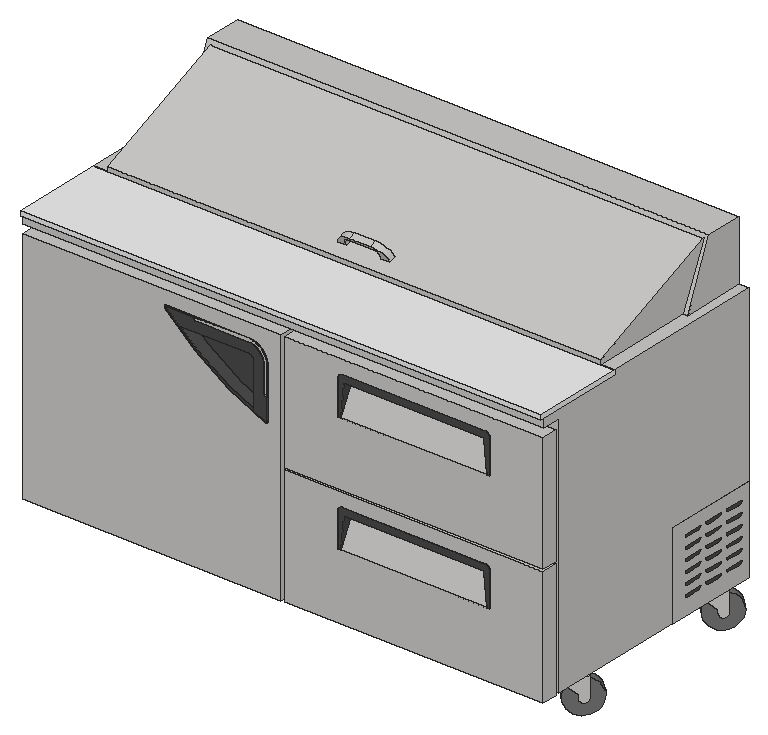
Revit family "QF_Turbo Air_TST-60SD-D29856361a-9434-4bef-91ec-7e6d95d65204", category Specialty Equipment, Revit 2012 (continued)
Definition of nested family "QF_Turbo Air_TBL_Door-2"
  Dimensions and locks (in)
    locked: plane 6 to Extrusion 4 sketch curve at 6.5641
    locked: plane 4 to Extrusion 2 sketch curve at 3.75
    locked: plane 4 to Extrusion 2 sketch curve at 13.33935
    locked: plane 4 to Extrusion 2 sketch curve at 13.46886
    locked: plane 4 to Extrusion 2 sketch curve at 1.81175
    locked: plane 4 to Extrusion 2 sketch curve at 1.5625
    locked: plane 4 to Extrusion 5 sketch curve at 1.56238
    locked: plane 4 to Extrusion 5 sketch curve at 1.95332
    locked: plane 4 to Extrusion 5 sketch curve at 3.75417
    locked: plane 4 to Extrusion 5 sketch curve at 9.75121
    locked: plane 4 to Extrusion 5 sketch curve at 10.11912
    locked: plane 4 to Extrusion 5 sketch curve at 13.06018
    locked: plane 4 to Extrusion 5 sketch curve at 13.19443
    locked: plane 4 to Extrusion 5 sketch curve at 12.0807
    locked: plane 4 to Extrusion 5 sketch curve at 11.82104
    locked: plane 4 to Extrusion 5 sketch curve at 3.75003
    locked: plane 4 to Extrusion 5 sketch curve at 3.12498
    locked: plane 4 to Extrusion 5 sketch curve at 2.89679
    locked: plane 4 to Extrusion 5 sketch curve at 1.81671
    aligned and locked: level to plane 2
    aligned and locked: Extrusion 1 sketch curve to plane 6
    aligned and locked: plane 3 "LEFT" to Extrusion 1 sketch curve
    aligned and locked: level to Extrusion 1 sketch curve
    aligned and locked: Extrusion 1 sketch curve to plane 4
    aligned and locked: plane 5 "FRONT" to Extrusion 1
    aligned and locked: plane 1 "BACK" to curve 1
    aligned and locked: plane 3 "LEFT" to curve 2
    aligned and locked: curve 3 to plane 5 "FRONT"
    aligned and locked: curve 4 to plane 4
    aligned and locked: Extrusion 3 sketch curve to Extrusion 1  (x4)
  Automatic sketch dimensions
    plane 4 to Extrusion 1 sketch curve = 0' - 9.03101"
    Extrusion 2 sketch curve to plane 6 = 0' - 1 9/16"
    Extrusion 2 sketch curve to Extrusion 2 sketch curve = 0' - 5.79986"
    Extrusion 2 sketch curve to Extrusion 2 sketch curve = 0' - 0.31136"
    plane 4 to Extrusion 2 sketch curve = 0' - 9.03101"
    Extrusion 2 sketch curve to Extrusion 2 sketch curve = 0' - 0.17704"
    Extrusion 3 sketch curve to Extrusion 3 sketch curve = 0' - 0.12951"
    Extrusion 3 sketch curve to Extrusion 3 sketch curve = 0' - 0.15482"
    Extrusion 3 sketch curve to Extrusion 3 sketch curve = 0' - 0"  (x4)
    Extrusion 3 sketch curve to Extrusion 3 sketch curve = 0' - 0.00075"
    Extrusion 3 sketch curve to Extrusion 3 sketch curve = 0' - 0.09068"
    Extrusion 5 sketch curve to Extrusion 5 sketch curve = 0' - 0"  (x4)
    Extrusion 5 sketch curve to Extrusion 5 sketch curve = 0' - 0.00072"
    Extrusion 5 sketch curve to Extrusion 5 sketch curve = 0' - 2.81256"
    Extrusion 5 sketch curve to Extrusion 5 sketch curve = 0' - 0.36461"
    Extrusion 5 sketch curve to Extrusion 5 sketch curve = 0' - 1.8162"
    Extrusion 5 sketch curve to plane 6 = 0' - 1.89276"
    Extrusion 5 sketch curve to Extrusion 5 sketch curve = 0' - 0.14681"
    Extrusion 5 sketch curve to Extrusion 5 sketch curve = 0' - 0.06678"
    Extrusion 5 sketch curve to plane 6 = 0' - 1.58287"
Definition of nested family "QF_Turbo Air_TBL_Drawer"
  Parameters (values of type "QF_Turbo Air_TBL_Drawer")
    Width [instance] = 2' - 5 5/16"
    Watermarked By = "http://revitwatermark.com"
    Symbolic Lines [instance] = yes
    Manufacturer = "Turbo Air"  # constant formula
    Height [instance] = 2' - 3 7/16"
    Depth [instance] = 0' - 1 13/16"
  Reference planes (in)
    plane 1 "BACK": y = 0
    plane 2: z = 0
    plane 3 "LEFT": x = -15.17667
    plane 4: x = 14.13583
    plane 5 "FRONT": y = -1.8125
    plane 6: z = 27.4375
    plane 7 "Handle Center": x = -0.52042
    plane 8 "Door Center": z = 13.71875
  Forms (in)
    Extrusion 1, solid, material "QF_Finishes_Black"
      sketch origin (-31.11417, 0, 15.01083) x (0, 0, -1) y (1, 0, 0)
        loop
          arc (-10.23917, 39.40625) -> (-10.63691, 39.2415) -> (-10.80167, 38.84375) r 0.5625
          line (-10.80167, 38.84375) -> (-10.80167, 22.34375)
          arc (-10.80167, 22.34375) -> (-10.63691, 21.946) -> (-10.23917, 21.78125) r 0.5625
          line (-10.23917, 21.78125) -> (-6.30167, 21.78125) -> (-6.30167, 22.125) -> (-9.98917, 22.44761) -> (-9.98917, 38.73989) -> (-6.30167, 39.0625) -> (-6.30167, 39.40625) -> (-10.23917, 39.40625)
        loop
          line (7.41708, 21.78125) -> (7.41708, 22.125) -> (3.72958, 22.44761) -> (3.72958, 38.73989) -> (7.41708, 39.0625) -> (7.41708, 39.40625) -> (3.47958, 39.40625)
          arc (3.47958, 39.40625) -> (3.08184, 39.2415) -> (2.91708, 38.84375) r 0.5625
          line (2.91708, 38.84375) -> (2.91708, 22.34375)
          arc (2.91708, 22.34375) -> (3.08184, 21.946) -> (3.47958, 21.78125) r 0.5625
          line (3.47958, 21.78125) -> (7.41708, 21.78125)
      from 0 to 1.8125
    Extrusion 2, solid, material "QF_Finishes_Stainless Steel"
      sketch origin (-9.36417, 0, 15.01083) x (0, 1, 0) y (0, 0, 1)
        loop
          line (-1.8125, 6.30167) -> (0, 6.30167) -> (0, 9.98917) -> (-0.47036, 9.98917) -> (-1.8125, 6.30167)
        loop
          line (-1.8125, -7.41708) -> (0, -7.41708) -> (0, -3.72958) -> (-0.47036, -3.72958) -> (-1.8125, -7.41708)
      from 0.375 to 17.3125
    Extrusion 3, solid, material "QF_Finishes_Stainless Steel"
      sketch origin (0, 0, 0) x (1, 0, 0) y (0, 0, 1)
        loop
          line (-15.17667, 27.4375) -> (-15.17667, 13.84375) -> (14.13583, 13.84375) -> (14.13583, 27.4375) -> (-15.17667, 27.4375)
        loop
          line (-15.17667, 0) -> (14.13583, 0) -> (14.13583, 13.59375) -> (-15.17667, 13.59375) -> (-15.17667, 0)
        loop
          arc (-8.77042, 25.8125) -> (-9.16816, 25.64775) -> (-9.33292, 25.25) r 0.5625
          line (-9.33292, 25.25) -> (-9.33292, 21.3125) -> (8.29208, 21.3125) -> (8.29208, 25.25)
          arc (8.29208, 25.25) -> (8.12733, 25.64775) -> (7.72958, 25.8125) r 0.5625
          line (7.72958, 25.8125) -> (-8.77042, 25.8125)
        loop
          arc (-8.77042, 12.09375) -> (-9.16816, 11.929) -> (-9.33292, 11.53125) r 0.5625
          line (-9.33292, 11.53125) -> (-9.33292, 7.59375) -> (8.29208, 7.59375) -> (8.29208, 11.53125)
          arc (8.29208, 11.53125) -> (8.12733, 11.929) -> (7.72958, 12.09375) r 0.5625
          line (7.72958, 12.09375) -> (-8.77042, 12.09375)
      from 0 to 1.8125
  Lines and regions (in)
    symbolic lines, visible <- "Symbolic Lines"
      curve 1: line (-15.17667, 0, 25.96875) -> (14.13583, 0, 25.96875)
      curve 2: line (-15.17667, -1.8125, 25.96875) -> (-15.17667, 0, 25.96875)
      curve 3: line (14.13583, -1.8125, 25.96875) -> (-15.17667, -1.8125, 25.96875)
      curve 4: line (14.13583, 0, 25.96875) -> (14.13583, -1.8125, 25.96875)
  Dimensions and locks (in)
    "Width": plane 4 to plane 3 "LEFT"
    "Depth": plane 5 "FRONT" to plane 1 "BACK"
    "Height": plane 6 to plane 2
    locked: Extrusion 3 sketch curve to Extrusion 3 sketch curve at 4.5  (x2)
    locked: plane 6 to Extrusion 3 sketch curve at 1.625
    locked: plane 6 to Extrusion 1 sketch curve at 1.625
    locked: Extrusion 1 sketch curve to Extrusion 1 sketch curve at 0.8125  (x2)
    locked: Extrusion 1 sketch curve to Extrusion 1 sketch curve at 4.5  (x4)
    locked: Extrusion 1 sketch curve to Extrusion 1 sketch curve at 0.66636  (x4)
    locked: plane 6 to Extrusion 2 sketch curve at 2.4375
    locked: Extrusion 2 sketch curve to Extrusion 2 sketch curve at 3.6875  (x2)
    locked: Extrusion 2 sketch curve to plane 5 "FRONT" at 1.34214  (x2)
    equal spacing: plane 3 "LEFT", plane 7 "Handle Center", plane 4
    equal spacing: plane 6, plane 8 "Door Center", level
    Extrusion 3 sketch curve to plane 8 "Door Center" to Extrusion 3 sketch curve = 0' - 0 1/8" locked, 0' - 0 1/8" locked
    Extrusion 3 sketch curve to plane 7 "Handle Center" to Extrusion 3 sketch curve = 0' - 8 13/16" locked, 0' - 8 13/16" locked  (x2)
    locked: plane 8 "Door Center" to Extrusion 3 sketch curve at 1.625
    Extrusion 1 sketch curve to plane 7 "Handle Center" to Extrusion 1 sketch curve = 0' - 8 13/16" locked, 0' - 8 13/16" locked  (x2)
    Extrusion 2 to plane 7 "Handle Center" to Extrusion 2 = 0' - 8 15/32" locked, 0' - 8 15/32" locked
    locked: plane 8 "Door Center" to Extrusion 1 sketch curve at 1.625
    locked: plane 8 "Door Center" to Extrusion 2 sketch curve at 2.4375
    aligned and locked: level to plane 2
    aligned and locked: Extrusion 3 sketch curve to plane 6
    aligned and locked: plane 3 "LEFT" to Extrusion 3 sketch curve  (x2)
    aligned and locked: level to Extrusion 3 sketch curve
    aligned and locked: Extrusion 3 sketch curve to plane 4  (x2)
    aligned and locked: plane 5 "FRONT" to Extrusion 3
    aligned and locked: Extrusion 2 sketch curve to plane 1 "BACK"  (x2)
    aligned and locked: plane 1 "BACK" to curve 1
    aligned and locked: plane 3 "LEFT" to curve 2
    aligned and locked: curve 3 to plane 5 "FRONT"
    aligned and locked: curve 4 to plane 4
  Automatic sketch dimensions
    Extrusion 1 sketch curve to Extrusion 1 sketch curve = 0' - 0 1/4"  (x4)
    Extrusion 1 sketch curve to Extrusion 1 sketch curve = 0' - 0 11/32"  (x4)
    Extrusion 2 sketch curve to plane 5 "FRONT" = 0' - 0"  (x2)
    Extrusion 3 sketch curve to Extrusion 3 sketch curve = 0' - 0 9/16"  (x4)
